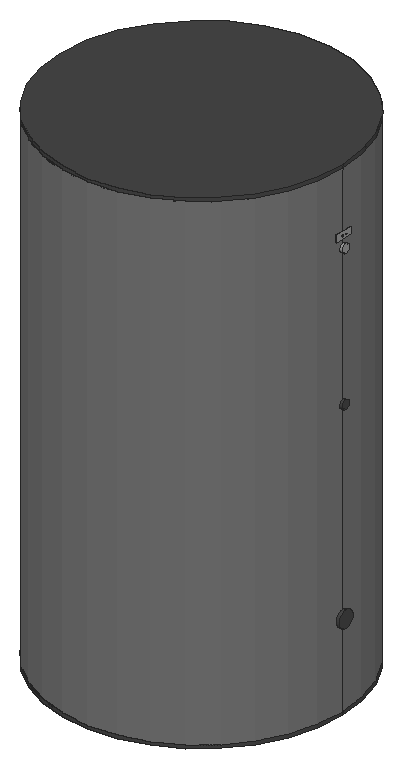
Revit family "EVAN WBC", category Оборудование, Revit 2019
Family settings
  Размер круглого соединителя = Использовать диаметр
  Классификация = Нет
  Тип детали = Нормальный
  На основе рабочей плоскости = Нет
  Всегда вертикально = Да
  При загрузке вырезать с полостями = Нет
  Общий = Нет
  Точка расчета площади = Нет
Parameters (values of type "EVAN WBC 5000 л. с двумя змеевиками")
  Электрическая мощность ТЭНа N, кВт2) = 0 W
  Частота тока для ТЭНа, Гц = 0 Hz
  ТЭН [instance] = ТЭН : нет
  Статическая потеря, Вт [instance] = 0 W
  Сопротивление змеевика, мбар [instance] = ""
  Серый = Серый
  Постоянная произво- дительность, литр/ час [instance] = ""
  Площадь 2 змеевика, м2 = 6.07 m²
  Площадь 1 змеевика, м2 [instance] = 9.61 m²
  Температура окружающей среды при эксплуатации водонагревателя, оС = ""
  Стекло = Стекло
  Пластмасса_черная = Пластмасса_черная
  Пластик_синий = Пластик_синий
  Пластик_красный = Пластик_красный
  Пластик прозрачный = Пластик_прозрачный
  Номинальное давление для теплообменника PNз, бар = ""
  Номинальное давление для бака PNб, бар = ""
  Напряжение питания для ТЭНа, В = 0 V
  Мощность 2 змеевика, кВт = 163 kW
  Мощность 1 змеевика, кВт = 258 kW
  Материал корпуса = "Конструкционная сталь с эмалевым покрытием"
  Максимальная температура греющего теплоносителя Тмакс, оС = ""
  Максимальная температура горячей воды Тг, оС = ""
  Макс. производи- тельност, л/первые 10 мин [instance] = ""
  Диаметр2 = Dбойлера / 2 - 6 mm  # 849 mm
  Диаметр1 = Dбойлера / 2 - 9 mm  # 846 mm
  Высота 1 = 20 mm
  Объем, л = "5000"
  В1 = 69.885 mm
  База = "Бойлер косвенного нагрева напольный"  # constant formula
  URL = "https://www.evan.ru/products/boylery_kosvennogo_nagreva/evan-wbt/"
  H9 = 1688 mm
  H8 = 528 mm
  H7 = 2533 mm
  H6 = 2398 mm
  H5 = 1748 mm
  H4 [instance] = 1628 mm
  H3 = 1508 mm
  H10 = 2533 mm
  H бойлера [instance] = 2980 mm
  H2 [instance] = 528 mm
  H1 [instance] = 433 mm
  G2int = 24.1 mm
  G2ext = DN2 + 6 mm  # 46 mm
  G1int = 30.3 mm
  G1ext = DN1 + 6 mm  # 56 mm
  Dкороба = 20 mm
  Dбойлера = 1710 mm
  DN2 = 40 mm
  DN1 = 50 mm
  D2_colp = G2ext * 1.05  # 48.3 mm
  ADSK_Расход ХВ = 0.0 L/s
  ADSK_Расход ГВ = 0.0 L/s
  ADSK_Примечание [instance] = ""
  ADSK_Полная мощность = 0 kW
  ADSK_Позиция [instance] = ""
  ADSK_Номинальная мощность = 0 W
  ADSK_Напряжение = 0 V
  ADSK_Наименование [instance] = "Бойлер косвенного нагрева напольный Эван WBC 5000"
  ADSK_Материал = Конструкционная сталь с эмалевым покрытием
  ADSK_Масса_Текст [instance] = ""
  ADSK_Марка [instance] = ""
  ADSK_Коэффициент мощности = 1
  ADSK_Комплект = ""
  ADSK_Количество фаз = 1
  ADSK_Код изделия [instance] = ""
  ADSK_Классификация нагрузок = Прочее
  ADSK_Завод-изготовитель [instance] = "ООО \"ЭВАН\""
  ADSK_Единица измерения [instance] = "шт."  # constant formula
Types (13, lengths in mm): name | Площадь 2 змеевика, м2 | Площадь 1 змеевика, м2 | Мощность 2 змеевика, кВт | Мощность 1 змеевика, кВт | Диаметр2 | Диаметр1 | Объем, л | В1 | H9 | H8 | H7 | H6 | H5 | H4 | H3 | H10 | H бойлера | H2 | H1 | G2ext | G1ext | Dбойлера | DN2 | DN1 | D2_colp | ADSK_Наименование
  EVAN WBC 160 л. с двумя змеевиками | 0.55 m² | 0.66 m² | 15 kW | 18 kW | 289 | 286 | "173" | 70 | 612 | 302 | 940 | 862 | 662 | 562 | 442 | 857 | 1060 | 302 | 207 | 26 | 31 | 590 | 20 | 25 | 27.3 | "Бойлер косвенного нагрева напольный Эван WBC 160"
  EVAN WBC 200 л. с двумя змеевиками | 0.66 m² | 0.89 m² | 18 kW | 27 kW | 289 | 286 | "208" | 69.885 | 727 | 302 | 1102 | 1042 | 782 | 662 | 542 | 1102 | 1305 | 302 | 207 | 26 | 31 | 590 | 20 | 25 | 27.3 | "Бойлер косвенного нагрева напольный Эван WBC 200"
  EVAN WBC 300 л. с двумя змеевиками | 0.66 m² | 1.00 m² | 18 kW | 36 kW | 289 | 286 | "284" | 69.885 | 852 | 312 | 1617 | 1172 | 912 | 792 | 672 | 1617 | 1820 | 312 | 217 | 31 | 31 | 590 | 25 | 25 | 32.55 | "Бойлер косвенного нагрева напольный Эван WBC 300"
  EVAN WBC 400 л. с двумя змеевиками | 0.80 m² | 1.06 m² | 22 kW | 43 kW | 369 | 366 | "409" | 69.885 | 757 | 337 | 1142 | 1016 | 816 | 697 | 577 | 1142 | 1380 | 338 | 243 | 31 | 31 | 750 | 25 | 25 | 32.55 | "Бойлер косвенного нагрева напольный Эван WBC 400"
  EVAN WBC 500 л. с двумя змеевиками | 1.37 m² | 1.98 m² | 37 kW | 53 kW | 369 | 366 | "510" | 69.885 | 930 | 330 | 1405 | 1335 | 975 | 885 | 765 | 1385 | 1625 | 305 | 236 | 31 | 31 | 750 | 25 | 25 | 32.55 | "Бойлер косвенного нагрева напольный Эван WBC 500"
  EVAN WBC 800 л. с двумя змеевиками | 1.02 m² | 2.55 m² | 27 kW | 69 kW | 469 | 466 | "814" | 69.885 | 1021 | 411 | 1456 | 1301 | 1081 | 961 | 841 | 1366 | 1670 | 411 | 316 | 38 | 38 | 950 | 32 | 32 | 39.9 | "Бойлер косвенного нагрева напольный Эван WBC 800"
  EVAN WBC 1000 л. с двумя змеевиками | 1.53 m² | 3.06 m² | 41 kW | 82 kW | 469 | 466 | "1004" | 69.885 | 1103 | 393 | 1697 | 1492 | 1163 | 1043 | 923 | 1697 | 1990 | 393 | 298 | 38 | 38 | 950 | 32 | 32 | 39.9 | "Бойлер косвенного нагрева напольный Эван WBС 1000"
  EVAN WBC 1500 л. с двумя змеевиками | 1.86 m² | 4.02 m² | 50 kW | 108 kW | 554 | 551 | "1463" | 69.885 | 1175 | 395 | 1950 | 1565 | 1235 | 1115 | 995 | 1950 | 2250 | 395 | 300 | 38 | 38 | 1120 | 32 | 32 | 39.9 | "Бойлер косвенного нагрева напольный Эван WBC 1500"
  EVAN WBC 2000 л. с двумя змеевиками | 2.16 m² | 4.68 m² | 58 kW | 126 kW | 624 | 621 | "1811" | 69.885 | 1179 | 399 | 1954 | 1569 | 1239 | 1119 | 999 | 1954 | 2240 | 399 | 305 | 38 | 38 | 1260 | 32 | 32 | 39.9 | "Бойлер косвенного нагрева напольный Эван WBC 2000"
  EVAN WBC 2500 л. с двумя змеевиками | 3.80 m² | 5.49 m² | 102 kW | 148 kW | 724 | 721 | "2325" | 69.885 | 1272 | 504 | 1914 | 1819 | 1324 | 1224 | 1104 | 1807 | 2190 | 504 | 409 | 46 | 38 | 1460 | 40 | 32 | 48.3 | "Бойлер косвенного нагрева напольный Эван WBC 2500"
  EVAN WBC 3000 л. с двумя змеевиками | 3.80 m² | 6.76 m² | 102 kW | 182 kW | 724 | 721 | "2785" | 69.885 | 1504 | 504 | 2309 | 2004 | 1504 | 1384 | 1264 | 2309 | 2690 | 504 | 409 | 46 | 38 | 1460 | 40 | 32 | 48.3 | "Бойлер косвенного нагрева напольный Эван WBC 3000"
  EVAN WBC 4000 л. с двумя змеевиками | 4.55 m² | 8.09 m² | 122 kW | 218 kW | 849 | 846 | "4000" | 69.885 | 1474 | 534 | 2161 | 2034 | 1534 | 1414 | 1294 | 2039 | 2490 | 534 | 439 | 46 | 56 | 1710 | 40 | 50 | 48.3 | "Бойлер косвенного нагрева напольный Эван WBC 4000"
  EVAN WBC 5000 л. с двумя змеевиками | 6.07 m² | 9.61 m² | 163 kW | 258 kW | 849 | 846 | "5000" | 69.885 | 1688 | 528 | 2533 | 2398 | 1748 | 1628 | 1508 | 2533 | 2980 | 528 | 433 | 46 | 56 | 1710 | 40 | 50 | 48.3 | "Бойлер косвенного нагрева напольный Эван WBC 5000"
Reference planes
  plane 1 "По центру (Вперед/Назад)": y = 0
  plane 2: z = -3
  plane 3 "По центру (Влево/Вправо)": x = 0
  plane 4: z = -3
  plane 5: z = 2957
  plane 6: z = 430
  plane 7: z = 525
  plane 8: z = 1505
  plane 9: z = 17
  plane 10: x = -851
  plane 11: y = 855
  plane 12: y = -855
  plane 13: x = -115
  plane 14: x = 115
  plane 15: y = 154
  plane 16: x = -849
  plane 17: x = -871
  plane 18: y = -255.5
  plane 19: y = -857
  plane 20: y = -260.5
  plane 21: x = -861
  plane 22: y = -847
  plane 23: y = -270.5
  plane 24: y = -345
  plane 25: z = 1625
  plane 26: z = 2530
  plane 27: z = 1487
  plane 28: z = 525
  plane 29: z = 734
  plane 30: z = 1685
  plane 31: z = 2977
  plane 32: x = 846
  plane 33: z = 1745
  plane 34: z = 2395
  plane 35: z = 609
  plane 36: z = 2599.885
  plane 37: z = 2530
Forms (mm)
  Extrusion 1, solid, material "Пластмасса_черная" <- "Пластмасса_черная", detail levels medium+fine
    sketch origin (0, 0, -3) x (1, 0, 0) y (0, 1, 0)
      loop
        circle (0, 0) r 855
    from 0 to 20
  Extrusion 2, solid, material "Серый" <- "Серый", detail levels medium+fine
    sketch origin (0, 0, -3) x (1, 0, 0) y (0, 1, 0)
      loop
        circle (0, 0) r 855
    from 20 to 2960
  Extrusion 3, solid, material "Пластик_синий" <- "Пластик_синий", detail levels medium+fine
    sketch origin (0, 0, 0) x (0, 1, 0) y (0, 0, 1)
      loop
        circle (0, 430) r 23
    from -871 to -849
  Extrusion 4, solid, material "Пластик_синий" <- "Пластик_синий", detail levels medium+fine
    sketch origin (0, 0, 87.5) x (0, 1, 0) y (0, 0, 1)
      loop
        circle (0, 437.5) r 28
    from -871 to -849
  Extrusion 5, solid, material "Пластик_прозрачный" <- "Пластик прозрачный", detail levels medium+fine
    sketch origin (0, 0, 0) x (0, 1, 0) y (0, 0, 1)
      loop
        circle (0, 1505) r 23
    from -871 to -849
  Blend 6, solid, material "Пластмасса_черная" <- "Пластмасса_черная", detail levels medium+fine
    base sketch origin (0, 0, 0) x (0, 1, 0) y (0, 0, 1)
      loop
        circle (0, 1505) r 30
    top sketch origin (0, 0, 0) x (0, 1, 0) y (0, 0, 1)
      loop
        circle (0, 1505) r 23
    from -849 to -861
  Blend 7, solid, material "Пластмасса_черная" <- "Пластмасса_черная", detail levels medium+fine
    base sketch origin (0, 49.406, -351.545) x (0, 1, 0) y (0, 0, 1)
      loop
        circle (-49.406, 876.545) r 30
    top sketch origin (0, 49.406, -351.545) x (0, 1, 0) y (0, 0, 1)
      loop
        circle (-49.406, 876.545) r 28
    from -849 to -861
  Blend 8, solid, material "Пластмасса_черная" <- "Пластмасса_черная", not visible, detail levels medium+fine
    base sketch origin (0, 0, 0) x (0, 1, 0) y (0, 0, 1)
      loop
        circle (0, 430) r 23
    top sketch origin (0, 0, 0) x (0, 1, 0) y (0, 0, 1)
      loop
        circle (0, 430) r 30
    from -861 to -849
  Extrusion 9, solid, material "Пластмасса_черная" <- "Пластмасса_черная", not visible, detail levels medium+fine
    sketch origin (0, 0, 0) x (1, 0, 0) y (0, 1, 0)
      loop
        circle (192.2, 0) r 4
    from 0 to 20
  Extrusion 10, solid, material "Пластмасса_черная" <- "Пластмасса_черная", not visible, detail levels medium+fine
    sketch origin (0, 0, 0) x (1, 0, 0) y (0, 1, 0)
      loop
        circle (192.2, 0) r 12
    from 0 to 6
  Extrusion 11, solid, material "Пластик_красный" <- "Пластик_красный", detail levels medium+fine
    sketch origin (0, 0, 0) x (0, 1, 0) y (0, 0, 1)
      loop
        circle (0, 1625) r 28
    from -871 to -849
  Blend 12, solid, material "Пластмасса_черная" <- "Пластмасса_черная", not visible, detail levels medium+fine
    base sketch origin (0, 0, 0) x (0, 1, 0) y (0, 0, 1)
      loop
        circle (0, 1625) r 30
    top sketch origin (0, 0, 0) x (0, 1, 0) y (0, 0, 1)
      loop
        circle (0, 1625) r 28
    from -849 to -861
  Extrusion 13, solid, material "Пластик_красный" <- "Пластик_красный", detail levels medium+fine
    sketch origin (0, 0, 0) x (0, 1, 0) y (0, 0, 1)
      loop
        circle (0, 2530) r 23
    from -871 to -849
  Blend 14, solid, material "Пластмасса_черная" <- "Пластмасса_черная", not visible, detail levels medium+fine
    base sketch origin (0, 0, 362) x (0, 1, 0) y (0, 0, 1)
      loop
        circle (0, 2168) r 30
    top sketch origin (0, 0, 362) x (0, 1, 0) y (0, 0, 1)
      loop
        circle (0, 2168) r 23
    from -849 to -861
  Extrusion 15, solid, material "Пластмасса_черная" <- "Пластмасса_черная", detail levels medium+fine
    sketch origin (846, -1524, 1051.556) x (0, 0, 1) y (0, 1, 0)
      loop
        circle (-526.556, 1524) r 50
    from -30 to 0
  Blend 16, solid, material "Пластмасса_черная" <- "Пластмасса_черная", not visible
    base sketch origin (846, -1524, 1051.556) x (0, 0, 1) y (0, 1, 0)
      loop
        circle (-526.556, 1524) r 60
    top sketch origin (846, -1524, 1051.556) x (0, 0, 1) y (0, 1, 0)
      loop
        circle (-526.556, 1524) r 50
    from 0 to -10
  Extrusion 17, solid, material "Пластмасса_черная" <- "Пластмасса_черная", detail levels medium+fine
    sketch origin (846, -1524, 1051.556) x (0, 0, 1) y (0, 1, 0)
      loop
        circle (633.444, 1524) r 25
    from -27 to 0
  Blend 18, solid, material "Пластмасса_черная" <- "Пластмасса_черная", not visible
    base sketch origin (846, -1524, 1051.556) x (0, 0, 1) y (0, 1, 0)
      loop
        circle (633.444, 1524) r 30
    top sketch origin (846, -1524, 1051.556) x (0, 0, 1) y (0, 1, 0)
      loop
        circle (633.444, 1524) r 25
    from 0 to -10
  Extrusion 19, solid, material "Пластмасса_черная" <- "Пластмасса_черная", detail levels medium+fine
    sketch origin (-94.291, -1524, 2977) x (-1, 0, 0) y (0, -1, 0)
      loop
        circle (-94.291, -1524) r 855
    from 0 to -20
  Extrusion 20, solid, material "Пластик_синий" <- "Пластик_синий", detail levels medium+fine
    sketch origin (-849, -1524, 1051.556) x (0, 0, 1) y (0, -1, 0)
      loop
        circle (693.444, -1524) r 28
    from -22 to 0
  Blend 21, solid, material "Пластмасса_черная" <- "Пластмасса_черная", detail levels medium+fine
    base sketch origin (-849, -1524, 1051.556) x (0, 0, 1) y (0, -1, 0)
      loop
        circle (693.444, -1524) r 30
    top sketch origin (-849, -1524, 1051.556) x (0, 0, 1) y (0, -1, 0)
      loop
        circle (693.444, -1524) r 28
    from 0 to -12
  Extrusion 22, solid, material "Пластик_красный" <- "Пластик_красный", detail levels medium+fine
    sketch origin (-849, -1524, 1051.556) x (0, 0, 1) y (0, -1, 0)
      loop
        circle (1343.444, -1524) r 28
    from -22 to 0
  Blend 23, solid, material "Пластмасса_черная" <- "Пластмасса_черная", not visible, detail levels medium+fine
    base sketch origin (-849, -1524, 1051.556) x (0, 0, 1) y (0, -1, 0)
      loop
        circle (1343.444, -1524) r 30
    top sketch origin (-849, -1524, 1051.556) x (0, 0, 1) y (0, -1, 0)
      loop
        circle (1343.444, -1524) r 28
    from 0 to -12
  Extrusion 24, solid, material "Пластик_прозрачный" <- "Пластик прозрачный", detail levels medium+fine
    sketch origin (846, -1524, 1511.556) x (0, 0, 1) y (0, 1, 0)
      loop
        line (1108.74, 1471.5) -> (1108.74, 1576.5) -> (1067.287, 1576.5) -> (1067.287, 1471.5) -> (1108.74, 1471.5)
      loop
        line (1097.402, 1509.168) -> (1097.402, 1519.168)
        arc (1097.402, 1519.168) -> (1092.797, 1523.773) -> (1088.192, 1519.168) r 4.605
        arc (1088.192, 1519.168) -> (1082.797, 1524.563) -> (1077.402, 1519.168) r 5.395
        line (1077.402, 1519.168) -> (1077.402, 1509.168) -> (1097.402, 1509.168)
      loop
        line (1095.053, 1511.587) -> (1095.053, 1518.071)
        arc (1095.053, 1518.071) -> (1092.198, 1520.926) -> (1089.344, 1518.071) r 2.855
        line (1089.344, 1518.071) -> (1089.344, 1511.587) -> (1095.053, 1511.587)
      loop
        line (1086.695, 1511.587) -> (1086.695, 1517.962)
        arc (1086.695, 1517.962) -> (1083.289, 1521.368) -> (1079.884, 1517.962) r 3.406
        line (1079.884, 1517.962) -> (1079.884, 1511.587) -> (1086.695, 1511.587)
      loop
        line (1094.603, 1488.585) -> (1092.802, 1490.386)
        arc (1092.802, 1490.386) -> (1094.522, 1497.728) -> (1088.954, 1502.814) r 7.454
        line (1088.954, 1502.814) -> (1088.954, 1495.587) -> (1086.695, 1495.587) -> (1086.695, 1502.944)
        arc (1086.695, 1502.944) -> (1080.358, 1497.959) -> (1082.264, 1490.124) r 7.454
        line (1082.264, 1490.124) -> (1080.463, 1488.323)
        arc (1080.463, 1488.323) -> (1087.217, 1505.522) -> (1094.603, 1488.585) r 10
      loop
        line (1077.402, 1525.421) -> (1097.287, 1533.098) -> (1097.287, 1535.485) -> (1077.287, 1543.566) -> (1077.287, 1540.784) -> (1083.508, 1538.271) -> (1083.508, 1530.532) -> (1077.402, 1528.145) -> (1077.402, 1525.421)
      loop
        line (1086.028, 1531.5) -> (1093.33, 1534.303) -> (1086.028, 1537.253) -> (1086.028, 1531.5)
      loop
        line (1097.287, 1546.188) -> (1097.287, 1548.648) -> (1089.229, 1548.648) -> (1089.229, 1559.315) -> (1097.287, 1559.315) -> (1097.287, 1561.816) -> (1077.287, 1561.816) -> (1077.287, 1559.315) -> (1086.653, 1559.315) -> (1086.653, 1548.648) -> (1077.287, 1548.648) -> (1077.287, 1546.188) -> (1097.287, 1546.188)
    from -15.829 to 0
  Extrusion 25, solid, material "Пластик_прозрачный" <- "Пластик прозрачный", detail levels medium+fine
    sketch origin (846, -1524, 1426.556) x (0, 0, 1) y (0, 1, 0)
      loop
        circle (1103.444, 1524) r 25
    from -27 to 0
Lines and regions (mm)
  reference lines
    curve 1: circle (0, 0, -3) r 192.2 normal (0, 0, 1)
    curve 2: circle (0, 0, -3) r 142.2 normal (0, 0, 1)
Dimensions and locks
  "H1": plane 6 to level
  "Высота 1": plane 9 to plane 4
  equal spacing: plane 11, plane 1 "По центру (Вперед/Назад)", plane 12
  "Dбойлера": plane 11 to plane 12
  equal spacing: plane 13, plane 3 "По центру (Влево/Вправо)", plane 14
  plane 13 to plane 14 = 230 mm
  plane 1 "По центру (Вперед/Назад)" to plane 15 = 154 mm
  locked: plane 10 to plane 16 at 2
  locked: plane 17 to plane 10 at 20
  plane 12 to plane 19 = 2 mm
  equal spacing: plane 17, plane 21, plane 10
  locked: plane 22 to plane 12 at 8
  equal spacing: plane 5, plane 27, plane 9
  "H2": level to plane 7
  "H3": level to plane 8
  "H4": level to plane 25
  level to plane 26 = 2533 mm
  "H бойлера": level to plane 31
  "H8": level to plane 28
  "H9": plane 30 to level
  "Высота 1": plane 31 to plane 5
  "Диаметр1": plane 3 "По центру (Влево/Вправо)" to plane 32
  "Диаметр2": plane 16 to plane 3 "По центру (Влево/Вправо)"
  Blend 8 sketch curve to plane 6 = 30 mm
  "H5": plane 33 to level
  "H7": plane 26 to level
  "H6": plane 34 to level
  plane 11 to plane 12 = 1710 mm
  "В1": plane 36 to plane 37
  "H10": plane 37 to level
  Extrusion 1 to Extrusion 1 = 1710 mm
  "Dбойлера": diameter of Extrusion 1 sketch curve
  "Dбойлера": diameter of Extrusion 2 sketch curve
  "G2ext": diameter of Extrusion 3 sketch curve
  "G1ext": diameter of Extrusion 4 sketch curve
  "G2ext": diameter of Extrusion 5 sketch curve
  "G2ext": diameter of Blend 6 sketch curve
  "G1ext": diameter of Blend 7 sketch curve
  "G2ext": diameter of Blend 8 sketch curve
  "G1ext": diameter of Extrusion 11 sketch curve
  "G1ext": diameter of Blend 12 sketch curve
  "G2ext": diameter of Extrusion 13 sketch curve
  "G2ext": diameter of Blend 14 sketch curve
  "Dбойлера": diameter of Extrusion 19 sketch curve
  "G1ext": diameter of Extrusion 20 sketch curve
  "G1ext": diameter of Blend 21 sketch curve
  "G1ext": diameter of Extrusion 22 sketch curve
  "G1ext": diameter of Blend 23 sketch curve
  aligned and locked: Extrusion 1 to plane 4
  aligned and locked: Extrusion 1 to plane 9
  aligned and locked: Extrusion 2 to plane 5
  aligned and locked: Extrusion 2 to plane 9
  aligned and locked: plane 16 to Extrusion 3
  aligned and locked: Extrusion 3 to plane 17
  aligned and locked: plane 6 to Extrusion 3 sketch curve
  aligned and locked: plane 1 "По центру (Вперед/Назад)" to Extrusion 3 sketch curve
  aligned and locked: plane 7 to Extrusion 4 sketch curve
  aligned and locked: plane 1 "По центру (Вперед/Назад)" to Extrusion 4 sketch curve
  aligned and locked: plane 16 to Extrusion 4
  aligned and locked: Extrusion 4 to plane 17
  aligned and locked: plane 8 to Extrusion 5 sketch curve
  aligned and locked: plane 1 "По центру (Вперед/Назад)" to Extrusion 5 sketch curve
  aligned and locked: plane 16 to Extrusion 5
  aligned and locked: Extrusion 5 to plane 17
  aligned and locked: plane 8 to Blend 6 sketch curve  (x2)
  aligned and locked: plane 1 "По центру (Вперед/Назад)" to Blend 6 sketch curve  (x2)
  aligned and locked: Blend 6 to Extrusion 3
  aligned and locked: Blend 6 to plane 21
  aligned and locked: plane 1 "По центру (Вперед/Назад)" to Blend 7 sketch curve  (x2)
  aligned and locked: plane 7 to Blend 7 sketch curve  (x2)
  aligned and locked: plane 16 to Blend 7
  aligned and locked: Blend 7 to plane 21
  aligned and locked: plane 6 to Blend 8 sketch curve  (x2)
  aligned and locked: plane 1 "По центру (Вперед/Назад)" to Blend 8 sketch curve  (x2)
  aligned and locked: Blend 8 to plane 16
  aligned and locked: Blend 8 to plane 21
  aligned and locked: Extrusion 11 to plane 17
  aligned and locked: plane 16 to Extrusion 11
  aligned and locked: plane 25 to Extrusion 11 sketch curve
  aligned and locked: plane 1 "По центру (Вперед/Назад)" to Extrusion 11 sketch curve
  aligned and locked: plane 25 to Blend 12 sketch curve  (x2)
  aligned and locked: plane 1 "По центру (Вперед/Назад)" to Blend 12 sketch curve  (x2)
  aligned and locked: Blend 12 to plane 21
  aligned and locked: plane 16 to Blend 12
  aligned and locked: plane 26 to Extrusion 13 sketch curve
  aligned and locked: plane 1 "По центру (Вперед/Назад)" to Extrusion 13 sketch curve
  aligned and locked: Extrusion 13 to plane 17
  aligned and locked: plane 16 to Extrusion 13
  aligned and locked: plane 26 to Blend 14 sketch curve  (x2)
  aligned and locked: plane 1 "По центру (Вперед/Назад)" to Blend 14 sketch curve  (x2)
  aligned and locked: Blend 14 to plane 21
  aligned and locked: plane 16 to Blend 14
  aligned and locked: plane 28 to Extrusion 15 sketch curve
  aligned and locked: plane 28 to Blend 16 sketch curve  (x2)
  aligned and locked: plane 30 to Extrusion 17 sketch curve
  aligned and locked: plane 30 to Blend 18 sketch curve  (x2)
  aligned and locked: plane 33 to Extrusion 20 sketch curve
  aligned and locked: plane 33 to Blend 21 sketch curve  (x2)
  aligned and locked: plane 34 to Extrusion 22 sketch curve
  aligned and locked: plane 34 to Blend 23 sketch curve  (x2)
  aligned and locked: plane 37 to Extrusion 25 sketch curve
Automatic sketch dimensions
  curve 1 to curve 2 = 0 mm  (x2)
  plane 1 "По центру (Вперед/Назад)" to curve 2 = 0 mm
  curve 2 to plane 3 "По центру (Влево/Вправо)" = 0 mm
  plane 1 "По центру (Вперед/Назад)" to Extrusion 1 sketch curve = 0 mm
  Extrusion 1 sketch curve to plane 3 "По центру (Влево/Вправо)" = 0 mm
  plane 1 "По центру (Вперед/Назад)" to Extrusion 2 sketch curve = 0 mm
  Extrusion 2 sketch curve to plane 3 "По центру (Влево/Вправо)" = 0 mm
  Extrusion 15 sketch curve to plane 1 "По центру (Вперед/Назад)" = 0 mm
  Blend 16 sketch curve to plane 1 "По центру (Вперед/Назад)" = 0 mm  (x2)
  Extrusion 17 sketch curve to plane 1 "По центру (Вперед/Назад)" = 0 mm
  Blend 18 sketch curve to plane 1 "По центру (Вперед/Назад)" = 0 mm  (x2)
  plane 1 "По центру (Вперед/Назад)" to Extrusion 19 sketch curve = 0 mm
  Extrusion 19 sketch curve to plane 3 "По центру (Влево/Вправо)" = 0 mm
  Extrusion 24 sketch curve to Extrusion 24 sketch curve = 0 mm  (x10)
  plane 36 to Extrusion 24 sketch curve = 21.042 mm
  plane 36 to Extrusion 24 sketch curve = 11.042 mm  (x2)
  plane 1 "По центру (Вперед/Назад)" to Extrusion 24 sketch curve = 4.145 mm
  plane 36 to Extrusion 24 sketch curve = 10.927 mm
  Extrusion 24 sketch curve to Extrusion 24 sketch curve = 2.482 mm
  plane 36 to Extrusion 24 sketch curve = 7.866 mm
  Extrusion 24 sketch curve to Extrusion 24 sketch curve = 1.801 mm  (x3)
  Extrusion 24 sketch curve to Extrusion 24 sketch curve = 2.913 mm
  Extrusion 24 sketch curve to Extrusion 24 sketch curve = 0.492 mm
  plane 36 to Extrusion 24 sketch curve = 4.821 mm
  plane 36 to Extrusion 24 sketch curve = 2.301 mm
  plane 36 to Extrusion 24 sketch curve = 1.676 mm
  plane 36 to Extrusion 24 sketch curve = 1.634 mm
  Extrusion 24 sketch curve to Extrusion 24 sketch curve = 0.707 mm
  Extrusion 24 sketch curve to plane 36 = 0.625 mm
  Extrusion 24 sketch curve to plane 36 = 0.9 mm
  Extrusion 24 sketch curve to plane 36 = 1.015 mm
  Extrusion 24 sketch curve to Extrusion 24 sketch curve = 2.855 mm
  Extrusion 24 sketch curve to Extrusion 24 sketch curve = 0.599 mm
  Extrusion 24 sketch curve to plane 36 = 4.473 mm
  Extrusion 24 sketch curve to plane 36 = 5.001 mm
  Extrusion 24 sketch curve to Extrusion 24 sketch curve = 3.958 mm
  Extrusion 24 sketch curve to Extrusion 24 sketch curve = 8.059 mm  (x2)
  Extrusion 24 sketch curve to Extrusion 24 sketch curve = 2.349 mm
  Extrusion 24 sketch curve to plane 36 = 20.411 mm
  plane 1 "По центру (Вперед/Назад)" to Extrusion 24 sketch curve = 6.532 mm
  Extrusion 24 sketch curve to Extrusion 24 sketch curve = 0.967 mm
  plane 1 "По центру (Вперед/Назад)" to Extrusion 24 sketch curve = 9.098 mm
  Extrusion 24 sketch curve to Extrusion 24 sketch curve = 1.205 mm
  Extrusion 24 sketch curve to Extrusion 24 sketch curve = 2.388 mm
  Extrusion 24 sketch curve to Extrusion 24 sketch curve = 5.753 mm
  Extrusion 24 sketch curve to Extrusion 24 sketch curve = 1.018 mm
  Extrusion 24 sketch curve to Extrusion 24 sketch curve = 2.513 mm
  Extrusion 24 sketch curve to Extrusion 24 sketch curve = 2.782 mm
  Extrusion 24 sketch curve to Extrusion 24 sketch curve = 10.702 mm
  Extrusion 24 sketch curve to Extrusion 24 sketch curve = 2.46 mm
  Extrusion 24 sketch curve to Extrusion 24 sketch curve = 10.667 mm  (x2)
  Extrusion 24 sketch curve to Extrusion 24 sketch curve = 2.502 mm
  Extrusion 24 sketch curve to Extrusion 24 sketch curve = 14.684 mm
  plane 1 "По центру (Вперед/Назад)" to Extrusion 24 sketch curve = 1.421 mm
  Extrusion 24 sketch curve to plane 1 "По центру (Вперед/Назад)" = 4.832 mm
  Extrusion 24 sketch curve to Extrusion 24 sketch curve = 1.097 mm
  Extrusion 24 sketch curve to Extrusion 24 sketch curve = 1.206 mm
  Extrusion 24 sketch curve to Extrusion 24 sketch curve = 6.484 mm
  Extrusion 24 sketch curve to Extrusion 24 sketch curve = 2.419 mm
  Extrusion 24 sketch curve to Extrusion 24 sketch curve = 8.643 mm
  Extrusion 24 sketch curve to Extrusion 24 sketch curve = 0.13 mm
  Extrusion 24 sketch curve to Extrusion 24 sketch curve = 7.356 mm
  Extrusion 24 sketch curve to Extrusion 24 sketch curve = 0.064 mm
  Extrusion 24 sketch curve to Extrusion 24 sketch curve = 17.085 mm
  Extrusion 25 sketch curve to plane 1 "По центру (Вперед/Назад)" = 0 mm
  Blend 23 sketch curve to plane 1 "По центру (Вперед/Назад)" = 0 mm  (x2)
  Blend 21 sketch curve to plane 1 "По центру (Вперед/Назад)" = 0 mm  (x2)
  Extrusion 20 sketch curve to plane 1 "По центру (Вперед/Назад)" = 0 mm
  Extrusion 22 sketch curve to plane 1 "По центру (Вперед/Назад)" = 0 mm
  radius of Extrusion 9 sketch curve = 4 mm
  radius of Extrusion 10 sketch curve = 12 mm
  radius of curve 1 = 192.2 mm
  radius of curve 2 = 142.2 mm
  radius of Blend 6 sketch curve = 30 mm
  radius of Blend 7 sketch curve = 30 mm
  radius of Blend 12 sketch curve = 30 mm
  radius of Blend 14 sketch curve = 30 mm
  radius of Extrusion 15 sketch curve = 50 mm
  radius of Blend 16 sketch curve = 60 mm
  radius of Blend 16 sketch curve = 50 mm
  radius of Extrusion 17 sketch curve = 25 mm
  radius of Blend 18 sketch curve = 30 mm
  radius of Blend 18 sketch curve = 25 mm
  radius of Extrusion 25 sketch curve = 25 mm
  radius of Blend 23 sketch curve = 30 mm
  radius of Blend 21 sketch curve = 30 mm
Nested families
  nested 1: "ТЭН" at (-69.089, 239.448, 2957), ADSK_Комплект <- "ADSK_Код изделия", type <- "ТЭН", type "нет", detail levels coarse
    with ADSK_Комплект ""
Connectors
  piping at (-871, 0, 430), diameter 40, driven by "DN2"
    settings: on Extrusion 3, index 3, connector inside diameter 609.6 mm, connector length 0 mm, flow factor 0, pipe flow 0.0 L/s, pressure drop 0.0 Pa, fitting loss kfactor 0, connector angle 0.00°, fixture units 0, engagement length 0 mm, angle of deflection 0.00°, flow configuration 0, flow direction 1, fitting loss method 0, system type 20, joint type 0, gender type 0, connector reference index 7, connector utility 0, adjustable connector no, is connector primary yes, connector description ""
  piping at (-871, 0, 525), diameter 50, driven by "DN1"
    settings: on Extrusion 4, index 4, connector inside diameter 609.6 mm, connector length 0 mm, flow factor 0, pipe flow 0.0 L/s, pressure drop 0.0 Pa, fitting loss kfactor 0, connector angle 0.00°, fixture units 0, engagement length 0 mm, angle of deflection 0.00°, flow configuration 0, flow direction 1, fitting loss method 0, system type 8, joint type 0, gender type 0, connector reference index 5, connector utility 0, adjustable connector no, is connector primary no, connector description ""
  piping at (-871, 0, 1505), diameter 40, driven by "DN2"
    settings: on Extrusion 5, index 5, connector inside diameter 609.6 mm, connector length 0 mm, flow factor 0, pipe flow 0.0 L/s, pressure drop 0.0 Pa, fitting loss kfactor 0, connector angle 0.00°, fixture units 0, engagement length 0 mm, angle of deflection 0.00°, flow configuration 0, flow direction 2, fitting loss method 0, system type 22, joint type 0, gender type 0, connector reference index 4, connector utility 0, adjustable connector no, is connector primary no, connector description ""
  piping at (-871, 0, 1625), diameter 50, driven by "DN1"
    settings: on Extrusion 11, index 6, connector inside diameter 609.6 mm, connector length 0 mm, flow factor 0, pipe flow 0.0 L/s, pressure drop 0.0 Pa, fitting loss kfactor 0, connector angle 0.00°, fixture units 0, engagement length 0 mm, angle of deflection 0.00°, flow configuration 0, flow direction 0, fitting loss method 0, system type 7, joint type 0, gender type 0, connector reference index -1, connector utility 0, adjustable connector no, is connector primary no, connector description ""
  piping at (-871, 0, 2530), diameter 40, driven by "DN2"
    settings: on Extrusion 13, index 7, connector inside diameter 609.6 mm, connector length 0 mm, flow factor 0, pipe flow 0.0 L/s, pressure drop 0.0 Pa, fitting loss kfactor 0, connector angle 0.00°, fixture units 0, engagement length 0 mm, angle of deflection 0.00°, flow configuration 0, flow direction 2, fitting loss method 0, system type 19, joint type 0, gender type 0, connector reference index 3, connector utility 0, adjustable connector no, is connector primary no, connector description ""
  piping at (-871, 0, 1745), diameter 50, driven by "DN1"
    settings: on Extrusion 20, index 8, connector inside diameter 609.6 mm, connector length 0 mm, flow factor 0, pipe flow 0.0 L/s, pressure drop 0.0 Pa, fitting loss kfactor 0, connector angle 0.00°, fixture units 0, engagement length 0 mm, angle of deflection 0.00°, flow configuration 0, flow direction 1, fitting loss method 0, system type 8, joint type 0, gender type 0, connector reference index -1, connector utility 0, adjustable connector no, is connector primary no, connector description ""
  piping at (-871, 0, 2395), diameter 50, driven by "DN1"
    settings: on Extrusion 22, index 9, connector inside diameter 609.6 mm, connector length 0 mm, flow factor 0, pipe flow 0.0 L/s, pressure drop 0.0 Pa, fitting loss kfactor 0, connector angle 0.00°, fixture units 0, engagement length 0 mm, angle of deflection 0.00°, flow configuration 0, flow direction 0, fitting loss method 0, system type 7, joint type 0, gender type 0, connector reference index -1, connector utility 0, adjustable connector no, is connector primary no, connector description ""
Definition of nested family "ТЭН"
  Parameters (values of type "нет")
    Default Elevation = 1219.2 mm
    ADSK_Примечание = ""
    ADSK_Позиция = ""
    ADSK_Номинальная мощность = 0 W
    ADSK_Наименование = "Отсутствует"
    ADSK_Масса_Текст = ""
    ADSK_Марка = ""
    ADSK_Комплект [instance] = ""
    ADSK_Код изделия = "Отсутствует"
    ADSK_Завод-изготовитель = ""
    ADSK_Единица измерения = "шт."  # constant formula
  Types (5, lengths in mm): name | ADSK_Номинальная мощность | ADSK_Наименование | ADSK_Код изделия
    ТЭН 3 кВт, 6/4″,220В, L390 | 3000 W | "ТЭН 3 кВт, 6/4″,220В, L390" | "2419991045"
    ТЭН 2 кВт, 6/4″,220В, L390 | 2000 W | "ТЭН 2 кВт, 6/4″,220В, L390" | "2419991067"
    Сухой ТЭН 2,4 кВт, 220B | 2400 W | "Сухой ТЭН 2,4 кВт, 220B" | "6104550263"
    ТЭН 2,4 кВт, 220B | 2400 W | "ТЭН 2,4 кВт, 220B" | "6104550188"
    нет | 0 W | "Отсутствует" | "Отсутствует"
  Reference planes
    plane 1 "По центру (Вперед/Назад)": y = 0
    plane 2: z = 0
    plane 3 "По центру (Влево/Вправо)": x = 0
  Forms (mm)
    Extrusion 1, solid
      sketch origin (0, 0, 0) x (1, 0, 0) y (0, 1, 0)
        loop
          circle (0, 0) r 0.5
      from 0 to 1
  Dimensions and locks
    aligned and locked: level to plane 2
